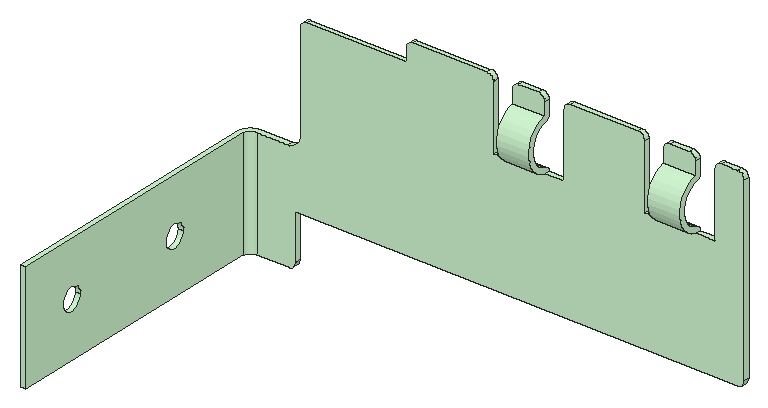
Revit family "etlcross_h8_left", category 機械設備, Revit 2022
Family settings
  丸型コネクタ寸法 = 直径を使用
  種別 = なし
  パーツ タイプ = 標準
  作業面ベース = いいえ
  常に垂直 = はい
  ロード時にボイドで切り取り = いいえ
  注釈の向きを維持 = いいえ
  共有 = いいえ
  部屋計算ポイント = いいえ
Parameters
  製造元 = "株式会社桐井製作所"
  既定の高さ = 0 mm
  URL = "https://www.kirii.co.jp/"
  K_材質 = "溶融亜鉛めっき鋼板及び鋼帯 SGCC 一般用"
  K_品名 = "eTLクロスH=8(30-35兼用ビス)左"
  K_名称 = "eTLクロス"
  K_入数 = "400"
  K_備考 = "対象Tバー:eT4015、eY4815　対象Lバー:eL3025(30面)、eL3520(35面)"
  K_バージョン情報 = "20220411"
  K_めっき付着量 = "Z12"
  K_JIS規格 = "JIS G 3302"
Reference planes
  plane 1 "中心(正面/背面)": y = 0
  plane 2: z = 0
  plane 3 "中心(左/右)": x = 0
Forms (mm)
  Extrusion 1, solid
    sketch origin (0, 0, 0) x (1, 0, 0) y (0, 1, 0)
      loop
        line (69.8, -0.8) -> (69.8, 0) -> (-6, 0)
        arc (-6, 0) -> (-7.414, -0.586) -> (-8, -2) r 2
        line (-8, -2) -> (-8, -44.3) -> (-7.2, -44.3) -> (-7.2, -2)
        arc (-7.2, -2) -> (-6.849, -1.151) -> (-6, -0.8) r 1.2
        line (-6, -0.8) -> (69.8, -0.8)
    from -8 to 30
  Extrusion 2, void
    sketch origin (0, 0, 0) x (1, 0, 0) y (0, 0, 1)
      loop
        line (69.8, -8) -> (69.8, 1)
        arc (69.8, 1) -> (69.507, 0.293) -> (68.8, 0) r 1
        line (68.8, 0) -> (0, 0) -> (0, -7)
        arc (0, -7) -> (-0.293, -7.707) -> (-1, -8) r 1
        line (-1, -8) -> (69.8, -8)
    from 0 to 0.8
  Extrusion 3, void
    sketch origin (0, 0, 0) x (1, 0, 0) y (0, 0, 1)
      loop
        line (18.3, 30) -> (-6, 30) -> (-6, 9) -> (-1.2, 9)
        arc (-1.2, 9) -> (0.214, 9.586) -> (0.8, 11) r 2
        line (0.8, 11) -> (0.8, 26)
        arc (0.8, 26) -> (1.093, 26.707) -> (1.8, 27) r 1
        line (1.8, 27) -> (17.3, 27) -> (17.3, 29)
        arc (17.3, 29) -> (17.593, 29.707) -> (18.3, 30) r 1
    from 0 to 0.8
  Extrusion 4, void
    sketch origin (0, 0, 0) x (1, 0, 0) y (0, 0, 1)
      loop
        line (30.8, 19) -> (41.8, 19) -> (41.8, 29)
        arc (41.8, 29) -> (42.093, 29.707) -> (42.8, 30) r 1
        line (42.8, 30) -> (29.8, 30)
        arc (29.8, 30) -> (30.507, 29.707) -> (30.8, 29) r 1
        line (30.8, 29) -> (30.8, 19)
    from 0 to 0.8
  Extrusion 5, void
    sketch origin (0, 0, 0) x (1, 0, 0) y (0, 0, 1)
      loop
        line (54.3, 29) -> (54.3, 19) -> (65.3, 19) -> (65.3, 29)
        arc (65.3, 29) -> (65.593, 29.707) -> (66.3, 30) r 1
        line (66.3, 30) -> (53.3, 30)
        arc (53.3, 30) -> (54.007, 29.707) -> (54.3, 29) r 1
    from 0 to 0.8
  Extrusion 6, void
    sketch origin (0, 0, 0) x (1, 0, 0) y (0, 0, 1)
      loop
        line (69.8, 29) -> (69.8, 30) -> (68.8, 30)
        arc (68.8, 30) -> (69.507, 29.707) -> (69.8, 29) r 1
    from 0 to 0.8
  Extrusion 7, void
    sketch origin (0, 0, 0) x (0, 1, 0) y (0, 0, 1)
      loop
        circle (-15.3, 0.5) r 1.75
    from -8 to -7.2
  Extrusion 8, void
    sketch origin (0, 0, 0) x (0, 1, 0) y (0, 0, 1)
      loop
        circle (-35.3, 0.5) r 1.75
    from -8 to -7.2
  Extrusion 9, solid
    sketch origin (0, 0, 0) x (0, 1, 0) y (0, 0, 1)
      loop
        line (-0.8, 19) -> (0, 19)
        arc (0, 19) -> (-0.175, 19.5) -> (-0.624, 19.78) r 0.8
        arc (-0.624, 19.78) -> (-3.2, 23) -> (-0.624, 26.22) r 3.3
        arc (-0.624, 26.22) -> (-0.175, 26.5) -> (0, 27) r 0.8
        line (0, 27) -> (0, 30) -> (-0.8, 30) -> (-0.8, 27)
        arc (-0.8, 27) -> (-4, 23) -> (-0.8, 19) r 4.1
    from 33.8 to 38.8
  Extrusion 10, void
    sketch origin (0, 0, 0) x (1, 0, 0) y (0, 0, 1)
      loop
        line (34.8, 30) -> (33.8, 30) -> (33.8, 29)
        arc (33.8, 29) -> (34.093, 29.707) -> (34.8, 30) r 1
    from 0 to 0.8
  Extrusion 11, void
    sketch origin (0, 0, 0) x (1, 0, 0) y (0, 0, 1)
      loop
        line (38.8, 29) -> (38.8, 30) -> (37.8, 30)
        arc (37.8, 30) -> (38.507, 29.707) -> (38.8, 29) r 1
    from 0 to 0.8
  Extrusion 12, solid
    sketch origin (23.5, 0, 0) x (0, 1, 0) y (0, 0, 1)
      loop
        line (-0.8, 19) -> (0, 19)
        arc (0, 19) -> (-0.175, 19.5) -> (-0.624, 19.78) r 0.8
        arc (-0.624, 19.78) -> (-3.2, 23) -> (-0.624, 26.22) r 3.3
        arc (-0.624, 26.22) -> (-0.175, 26.5) -> (0, 27) r 0.8
        line (0, 27) -> (0, 30) -> (-0.8, 30) -> (-0.8, 27)
        arc (-0.8, 27) -> (-4, 23) -> (-0.8, 19) r 4.1
    from 33.8 to 38.8
  Extrusion 13, void
    sketch origin (23.5, 0, 0) x (1, 0, 0) y (0, 0, 1)
      loop
        line (34.8, 30) -> (33.8, 30) -> (33.8, 29)
        arc (33.8, 29) -> (34.093, 29.707) -> (34.8, 30) r 1
    from 0 to 0.8
  Extrusion 14, void
    sketch origin (23.5, 0, 0) x (1, 0, 0) y (0, 0, 1)
      loop
        line (38.8, 29) -> (38.8, 30) -> (37.8, 30)
        arc (37.8, 30) -> (38.507, 29.707) -> (38.8, 29) r 1
    from 0 to 0.8
  Extrusion 15, void
    sketch origin (0, 0, 0) x (1, 0, 0) y (0, 1, 0)
      loop
        arc (-7.2, -2) -> (-6.849, -1.151) -> (-6, -0.8) r 1.2
        line (-6, -0.8) -> (-6, 0)
        arc (-6, 0) -> (-7.414, -0.586) -> (-8, -2) r 2
        line (-8, -2) -> (-8, -44.3) -> (-7.2, -44.3) -> (-7.2, -2)
    from 9 to 30
Cuts and joins
  Extrusion 2, Extrusion 3, Extrusion 4, Extrusion 5, Extrusion 6, Extrusion 7, Extrusion 8, Extrusion 10, Extrusion 11, Extrusion 13, Extrusion 14, Extrusion 15 cuts Extrusion 1
  Extrusion 10, Extrusion 11, Extrusion 13, Extrusion 14, Extrusion 15 cuts Extrusion 9
  Extrusion 13, Extrusion 14, Extrusion 15 cuts Extrusion 12
  joined: Extrusion 1, Extrusion 9, Extrusion 12
Dimensions and locks
  aligned and locked: level to plane 2
